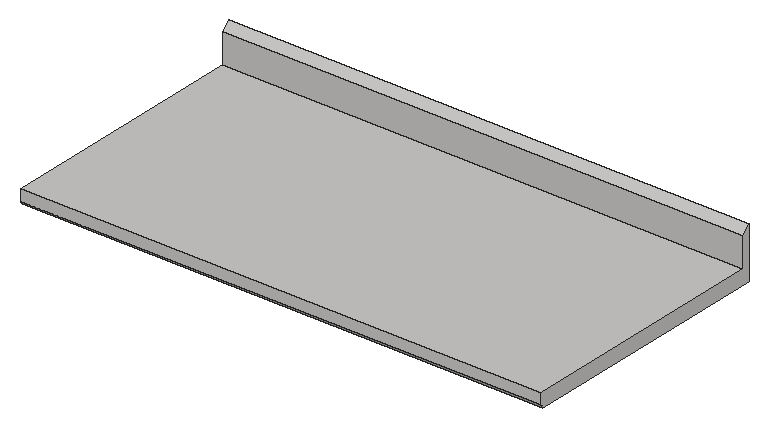
Revit family "QF_ELECTROLUXPROFESSIONAL_121141_TPLA14A", category Attrezzature speciali, Revit 2020
Family settings
  Quota connettore circolare = Usa diametro
  Tipo di parte = Normale
  Basato su piano di lavoro = No
  Sempre verticale = Sì
  Taglio con vuoti quando caricato = No
  Condiviso = No
  Punto di calcolo locali = No
Parameters (values of type "Standard")
  Weight = 47.00 kg
  Watts = 0 W
  Volts = 0 V
  URL Manufacturer = "https://www.electroluxprofessional.com/"
  URL = "https://www.electroluxprofessional.com/"
  Steam Supply Size = 0 mm
  Steam Supply Minimum Pressure = 0.0 Pa
  Steam Supply Maximum Pressure = 0.0 Pa
  Steam Consumption per Hour = 0
  Refrigeration Suction Line Size = 0.0 mm
  Refrigeration Liquid Line Size = 0.0 mm
  Refrigerant Compressor Remote = yes
  Prospetto di default = 0.0 mm
  Phase = 0
  Modello = "TPLA14A"
  Produttore = "Electrolux Professional"
  Length Actual = 1400.0 mm  # constant formula
  Item Number = "121141"
  Hot Water Size = 0 mm
  Height Actual = 140.0 mm  # constant formula
  HP = "0 HP"
  Gas Size = 0 mm
  Gas KW = 0
  Gas Input Pressure = 0 W
  Direct Waste Size = 0 mm
  Descrizione = "WORK TOP WITH UPSTAND 1400MM"
  Depth Actual = 700.0 mm  # constant formula
  Cycle = 0 Hz
  Condensate Return Size = 0 mm
  Compressed Air Volume = 0.0 L/s
  Compressed Air Size = 0 mm
  Compressed Air Pressure = 0.0 Pa
  Cold Water Size = 0 mm
  Accessory = yes
Reference planes
  plane 1 "Center (Front/Back)": y = 0
  plane 2: z = 0
  plane 3 "Center (Left/Right)": x = -200
  plane 4 "LEFT": x = -900
  plane 5 "RIGHT": x = 500
  plane 6 "BACK": y = 350
  plane 7 "FRONT": y = -350
  plane 8 "TOP": z = 1000
  plane 9: z = 900
  plane 10: z = 860
Forms (mm)
  Extrusion 1, solid, material "QF_Finishes_Stainless Steel"
    sketch origin (-200, 0, 0) x (0, 1, 0) y (0, 0, 1)
      loop
        line (350, 1000) -> (330, 980) -> (330, 900) -> (-350, 900) -> (-350, 870) -> (-340, 860) -> (350, 860) -> (350, 1000)
    from 700 to -700
Lines and regions (mm)
  symbolic lines
    curve 1: line (500, 350, 1000) -> (-900, 350, 1000)
    curve 2: line (-900, 350, 1000) -> (-900, -350, 1000)
    curve 3: line (-900, -350, 1000) -> (500, -350, 1000)
    curve 4: line (500, -350, 1000) -> (500, 350, 1000)
    curve 5: line (-900, 330, 1000) -> (500, 330, 1000)
Dimensions and locks
  plane 4 "LEFT" to plane 5 "RIGHT" = 1400.0 mm
  equal spacing: plane 4 "LEFT", plane 3 "Center (Left/Right)", plane 5 "RIGHT"
  plane 6 "BACK" to plane 7 "FRONT" = 700.0 mm
  equal spacing: plane 6 "BACK", plane 1 "Center (Front/Back)", plane 7 "FRONT"
  locked: plane 8 "TOP" to plane 9 at 100
  locked: plane 6 "BACK" to Extrusion 1 sketch curve at 20
  plane 10 to level = 860.0 mm
  plane 8 "TOP" to plane 10 = 140.0 mm
  aligned and locked: level to plane 2
  aligned and locked: Extrusion 1 to plane 4 "LEFT"
  aligned and locked: plane 5 "RIGHT" to Extrusion 1
  aligned and locked: curve 2 to plane 4 "LEFT"
  aligned and locked: Extrusion 1 sketch curve to plane 9
  aligned and locked: Extrusion 1 sketch curve to plane 6 "BACK"
  aligned and locked: plane 7 "FRONT" to Extrusion 1 sketch curve
  aligned and locked: plane 10 to Extrusion 1 sketch curve
Automatic sketch dimensions
  curve 3 to plane 7 "FRONT" = 0.0 mm
  curve 4 to plane 5 "RIGHT" = 0.0 mm
  curve 4 to plane 6 "BACK" = 0.0 mm
  curve 5 to plane 6 "BACK" = 20.0 mm
  Extrusion 1 sketch curve to plane 8 "TOP" = 0.0 mm
  Extrusion 1 sketch curve to plane 8 "TOP" = 20.0 mm
  plane 7 "FRONT" to Extrusion 1 sketch curve = 10.0 mm
  level to Extrusion 1 sketch curve = 870.0 mm
